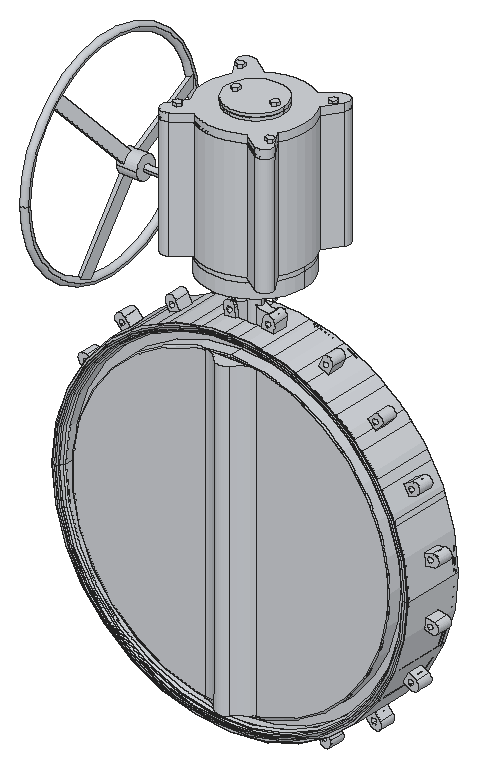
Revit family "R59FLX045", category Plumbing Fixtures, Revit 2015
Reference planes
  plane 1 "Center (Front/Back)": y = 0
  plane 2: z = 0
  plane 3 "Center (Left/Right)": x = 0
  plane 4: z = 422
  plane 5: z = 682
  plane 6: z = 187
  plane 7: z = -340
  plane 8: z = -30
  plane 9: z = 487.647
  plane 10: z = -30
  plane 11: y = -17.262
  plane 12: y = 17.262
  plane 13: x = -87.5
  plane 14: x = 87.5
  plane 15: z = 674
  plane 16: x = 226
  plane 17: y = -55.287
  plane 18: y = 53.713
  plane 19: z = 396
  plane 20: x = -266
  plane 21: z = 294
Forms (mm)
  Extrusion 1, solid
    sketch origin (0, 0, 404.391) x (1, 0, 0) y (0, 1, 0)
      loop
        circle (0, 0) r 87.5
    from -8.391 to 17.609
  Extrusion 2, solid
    sketch origin (0, 0, -76.95) x (1, 0, 0) y (0, 1, 0)
      loop
        circle (0, 0) r 12
    from 383.948 to 472.95
  Revolve 3, solid
    sketch origin (0, 0, 0) x (0, 1, 0) y (0, 0, 1)
      loop
        line (-30.5, -310.688) -> (30.5, -310.688) -> (30.5, -281.679) -> (51.986, -281.679)
        arc (51.986, -281.679) -> (53.207, -281.173) -> (53.713, -279.951) r 1.728
        line (53.713, -279.951) -> (53.713, 0) -> (-55.287, 0) -> (-55.287, -279.951)
        arc (-55.287, -279.951) -> (-54.781, -281.173) -> (-53.559, -281.679) r 1.728
        line (-53.559, -281.679) -> (-30.5, -281.679) -> (-30.5, -310.688)
      axis (53.713, 0) -> (-55.287, 0)
    angle from 0 to 360
  Extrusion 4, solid
    sketch origin (-27.69, 17.573, 252.186) x (0.933413, 0, -0.358805) y (0.358805, 0, 0.933413)
      loop
        line (-18.251, 60.114) -> (-25.459, 74.264)
        arc (-25.459, 74.264) -> (-38.908, 78.635) -> (-43.28, 65.186) r 10
        line (-43.28, 65.186) -> (-36.072, 51.036) -> (-18.251, 60.114)
      loop
        circle (-32.1, 65.269) r 5
    from -10.991 to 16.009
  Extrusion 5, solid
    sketch origin (18.896, -132.284, 431.391) x (-0.707107, -0.707107, 0) y (0.707107, -0.707107, 0)
      loop
        line (6.619, -122.207) -> (1.336, -117.615) -> (-5.283, -119.894) -> (-6.619, -126.765) -> (-1.336, -131.358) -> (5.283, -129.079) -> (6.619, -122.207)
    from 0 to 3.746
  Extrusion 6, solid
    sketch origin (18.896, -132.284, 410.391) x (-0.707107, -0.707107, 0) y (0.707107, -0.707107, 0)
      loop
        circle (0, -124.486) r 3
    from -20.186 to 21
  Extrusion 7, solid
    sketch origin (18.896, -132.284, 396) x (-0.707107, -0.707107, 0) y (0.707107, -0.707107, 0)
      loop
        line (3.99, -123.113) -> (0.805, -120.344) -> (-3.184, -121.718) -> (-3.99, -125.86) -> (-0.805, -128.628) -> (3.184, -127.254) -> (3.99, -123.113)
      loop
        line (-3.444, -125.672) -> (-0.695, -128.061) -> (2.749, -126.876) -> (3.444, -123.301) -> (0.695, -120.911) -> (-2.749, -122.097) -> (-3.444, -125.672)
    from -1.968 to 1
  Extrusion 8, solid
    sketch origin (49.205, -126.837, 545.966) x (-0.707107, -0.707107, 0) y (0.707107, -0.707107, 0)
      loop
        line (-76.155, -211.941) -> (-68.675, -247.132)
        arc (-68.675, -247.132) -> (-54.895, -258.291) -> (-41.114, -247.132) r 14.088
        line (-41.114, -247.132) -> (-33.634, -211.941)
        arc (-33.634, -211.941) -> (8.743, -188.129) -> (32.557, -145.753) r 90
        line (32.557, -145.753) -> (67.77, -138.268)
        arc (67.77, -138.268) -> (78.929, -124.488) -> (67.77, -110.708) r 14.088
        line (67.77, -110.708) -> (32.56, -103.223)
        arc (32.56, -103.223) -> (8.748, -60.841) -> (-33.632, -37.025) r 90
        line (-33.632, -37.025) -> (-41.114, -1.823)
        arc (-41.114, -1.823) -> (-54.895, 9.336) -> (-68.675, -1.823) r 14.088
        line (-68.675, -1.823) -> (-76.158, -37.025)
        arc (-76.158, -37.025) -> (-118.534, -60.838) -> (-142.347, -103.215) r 90
        line (-142.347, -103.215) -> (-177.549, -110.697)
        arc (-177.549, -110.697) -> (-188.708, -124.477) -> (-177.549, -138.258) r 14.088
        line (-177.549, -138.258) -> (-142.35, -145.74)
        arc (-142.35, -145.74) -> (-118.538, -188.124) -> (-76.155, -211.941) r 90
    from -114.575 to 101.703
  Sweep 9, solid
    path origin (0, 0, 0) x (1, 0, 0) y (0, 0, 1)
      loop
        circle (0, 0) r 316
    profile origin (0, 0, -316) x (0, 0, 1) y (0, -1, 0)
      loop
        line (0.625, -53.713) -> (3.952, -53.713)
        arc (3.952, -53.713) -> (4.966, -54.727) -> (5.98, -53.713) r 1.014
        line (5.98, -53.713) -> (7.253, -53.713)
        arc (7.253, -53.713) -> (8.267, -54.727) -> (9.28, -53.713) r 1.014
        line (9.28, -53.713) -> (10.888, -53.713) -> (12.517, -51.371) -> (13.454, -47.874) -> (16.683, -44.645) -> (16.683, 46.218) -> (13.454, 49.447) -> (12.517, 52.945) -> (10.888, 55.287) -> (9.28, 55.287)
        arc (9.28, 55.287) -> (8.267, 56.3) -> (7.253, 55.287) r 1.014
        line (7.253, 55.287) -> (5.98, 55.287)
        arc (5.98, 55.287) -> (4.966, 56.3) -> (3.952, 55.287) r 1.014
        line (3.952, 55.287) -> (0.625, 55.287) -> (0.625, -53.713)
  Extrusion 10, solid
    sketch origin (0, 0, 254.34) x (1, 0, 0) y (0, 0, 1)
      loop
        line (-23.079, 59.697) -> (24.29, 59.697) -> (32.994, 84.977)
        arc (32.994, 84.977) -> (13.351, 88.098) -> (0.632, 103.389) r 28.254
        arc (0.632, 103.389) -> (-13.43, 87.381) -> (-34.674, 85.747) r 28.254
        line (-34.674, 85.747) -> (-23.079, 59.697)
    from -7.881 to 9.454
  Sweep 11, solid
    path origin (-0.002, 0, 0) x (1, 0, 0) y (0, 0, 1)
      loop
        circle (0, 0) r 316
    profile origin (-0.002, 0, -316) x (0, 0, 1) y (0, -1, 0)
      loop
        line (0, 55.287) -> (0, -53.713) -> (3.927, -53.713) -> (3.927, 55.287) -> (0, 55.287)
  Extrusion 12, solid
    sketch origin (-22.84, 17.573, -252.671) x (-0.843784, 0, 0.536683) y (-0.536683, 0, -0.843784)
      loop
        line (-18.251, 60.114) -> (-25.459, 74.264)
        arc (-25.459, 74.264) -> (-38.908, 78.635) -> (-43.28, 65.186) r 10
        line (-43.28, 65.186) -> (-36.072, 51.036) -> (-18.251, 60.114)
      loop
        circle (-32.1, 65.269) r 5
    from -10.991 to 16.009
  Extrusion 13, solid
    sketch origin (-107.203, 17.573, 229.94) x (0.999197, 0, -0.040079) y (0.040079, 0, 0.999197)
      loop
        line (-18.251, 60.114) -> (-25.459, 74.264)
        arc (-25.459, 74.264) -> (-38.908, 78.635) -> (-43.28, 65.186) r 10
        line (-43.28, 65.186) -> (-36.072, 51.036) -> (-18.251, 60.114)
      loop
        circle (-32.1, 65.269) r 5
    from -10.991 to 16.009
  Extrusion 14, solid
    sketch origin (-175.361, 17.573, 183.339) x (0.959152, 0, 0.282892) y (-0.282892, 0, 0.959152)
      loop
        line (-18.251, 60.114) -> (-25.459, 74.264)
        arc (-25.459, 74.264) -> (-38.908, 78.635) -> (-43.28, 65.186) r 10
        line (-43.28, 65.186) -> (-36.072, 51.036) -> (-18.251, 60.114)
      loop
        circle (-32.1, 65.269) r 5
    from -10.991 to 16.009
  Extrusion 15, solid
    sketch origin (-224.945, 17.573, 117.321) x (0.817519, 0, 0.575901) y (-0.575901, 0, 0.817519)
      loop
        line (-18.251, 60.114) -> (-25.459, 74.264)
        arc (-25.459, 74.264) -> (-38.908, 78.635) -> (-43.28, 65.186) r 10
        line (-43.28, 65.186) -> (-36.072, 51.036) -> (-18.251, 60.114)
      loop
        circle (-32.1, 65.269) r 5
    from -10.991 to 16.009
  Extrusion 16, solid
    sketch origin (-250.705, 17.573, 38.876) x (0.589301, 0, 0.807914) y (-0.807914, 0, 0.589301)
      loop
        line (-18.251, 60.114) -> (-25.459, 74.264)
        arc (-25.459, 74.264) -> (-38.908, 78.635) -> (-43.28, 65.186) r 10
        line (-43.28, 65.186) -> (-36.072, 51.036) -> (-18.251, 60.114)
      loop
        circle (-32.1, 65.269) r 5
    from -10.991 to 16.009
  Extrusion 17, solid
    sketch origin (-249.912, 17.573, -43.686) x (0.298667, 0, 0.954357) y (-0.954357, 0, 0.298667)
      loop
        line (-18.251, 60.114) -> (-25.459, 74.264)
        arc (-25.459, 74.264) -> (-38.908, 78.635) -> (-43.28, 65.186) r 10
        line (-43.28, 65.186) -> (-36.072, 51.036) -> (-18.251, 60.114)
      loop
        circle (-32.1, 65.269) r 5
    from -10.991 to 16.009
  Extrusion 18, solid
    sketch origin (-222.65, 17.573, -121.621) x (-0.0236, 0, 0.999721) y (-0.999721, 0, -0.0236)
      loop
        line (-18.251, 60.114) -> (-25.459, 74.264)
        arc (-25.459, 74.264) -> (-38.908, 78.635) -> (-43.28, 65.186) r 10
        line (-43.28, 65.186) -> (-36.072, 51.036) -> (-18.251, 60.114)
      loop
        circle (-32.1, 65.269) r 5
    from -10.991 to 16.009
  Extrusion 19, solid
    sketch origin (-171.806, 17.573, -186.674) x (-0.343367, 0, 0.939201) y (-0.939201, 0, -0.343367)
      loop
        line (-18.251, 60.114) -> (-25.459, 74.264)
        arc (-25.459, 74.264) -> (-38.908, 78.635) -> (-43.28, 65.186) r 10
        line (-43.28, 65.186) -> (-36.072, 51.036) -> (-18.251, 60.114)
      loop
        circle (-32.1, 65.269) r 5
    from -10.991 to 16.009
  Extrusion 20, solid
    sketch origin (-102.765, 17.573, -231.957) x (-0.626767, 0, 0.779206) y (-0.779206, 0, -0.626767)
      loop
        line (-18.251, 60.114) -> (-25.459, 74.264)
        arc (-25.459, 74.264) -> (-38.908, 78.635) -> (-43.28, 65.186) r 10
        line (-43.28, 65.186) -> (-36.072, 51.036) -> (-18.251, 60.114)
      loop
        circle (-32.1, 65.269) r 5
    from -10.991 to 16.009
  Extrusion 21, solid
    sketch origin (0, 0, -252.777) x (1, 0, 0) y (0, 0, 1)
      loop
        line (-19.291, -59.525) -> (-30.838, -85.466)
        arc (-30.838, -85.466) -> (-21.534, -88.175) -> (-12.729, -92.221) r 65.798
        line (-12.729, -92.221) -> (12.729, -92.221)
        arc (12.729, -92.221) -> (21.352, -88.243) -> (30.457, -85.549) r 65.798
        line (30.457, -85.549) -> (18.874, -59.525) -> (-19.291, -59.525)
    from -7.881 to 9.454
  Extrusion 22, solid
    sketch origin (157.284, 43.896, 431.391) x (0.707107, -0.707107, 0) y (0.707107, 0.707107, 0)
      loop
        line (6.619, -122.207) -> (1.336, -117.615) -> (-5.283, -119.894) -> (-6.619, -126.765) -> (-1.336, -131.358) -> (5.283, -129.079) -> (6.619, -122.207)
    from 0 to 3.746
  Extrusion 23, solid
    sketch origin (157.284, 43.896, 410.391) x (0.707107, -0.707107, 0) y (0.707107, 0.707107, 0)
      loop
        circle (0, -124.486) r 3
    from -20.186 to 21
  Extrusion 24, solid
    sketch origin (157.284, 43.896, 396) x (0.707107, -0.707107, 0) y (0.707107, 0.707107, 0)
      loop
        line (3.99, -123.113) -> (0.805, -120.344) -> (-3.184, -121.718) -> (-3.99, -125.86) -> (-0.805, -128.628) -> (3.184, -127.254) -> (3.99, -123.113)
      loop
        line (-3.444, -125.672) -> (-0.695, -128.061) -> (2.749, -126.876) -> (3.444, -123.301) -> (0.695, -120.911) -> (-2.749, -122.097) -> (-3.444, -125.672)
    from -1.968 to 1
  Extrusion 25, solid
    sketch origin (-18.896, 132.284, 431.391) x (0.707107, 0.707107, 0) y (-0.707107, 0.707107, 0)
      loop
        line (6.619, -122.207) -> (1.336, -117.615) -> (-5.283, -119.894) -> (-6.619, -126.765) -> (-1.336, -131.358) -> (5.283, -129.079) -> (6.619, -122.207)
    from 0 to 3.746
  Extrusion 26, solid
    sketch origin (-18.896, 132.284, 410.391) x (0.707107, 0.707107, 0) y (-0.707107, 0.707107, 0)
      loop
        circle (0, -124.486) r 3
    from -20.186 to 21
  Extrusion 27, solid
    sketch origin (-18.896, 132.284, 396) x (0.707107, 0.707107, 0) y (-0.707107, 0.707107, 0)
      loop
        line (3.99, -123.113) -> (0.805, -120.344) -> (-3.184, -121.718) -> (-3.99, -125.86) -> (-0.805, -128.628) -> (3.184, -127.254) -> (3.99, -123.113)
      loop
        line (-3.444, -125.672) -> (-0.695, -128.061) -> (2.749, -126.876) -> (3.444, -123.301) -> (0.695, -120.911) -> (-2.749, -122.097) -> (-3.444, -125.672)
    from -1.968 to 1
  Extrusion 28, solid
    sketch origin (-157.284, -43.896, 431.391) x (-0.707107, 0.707107, 0) y (-0.707107, -0.707107, 0)
      loop
        line (6.619, -122.207) -> (1.336, -117.615) -> (-5.283, -119.894) -> (-6.619, -126.765) -> (-1.336, -131.358) -> (5.283, -129.079) -> (6.619, -122.207)
    from 0 to 3.746
  Extrusion 29, solid
    sketch origin (-157.284, -43.896, 410.391) x (-0.707107, 0.707107, 0) y (-0.707107, -0.707107, 0)
      loop
        circle (0, -124.486) r 3
    from -20.186 to 21
  Extrusion 30, solid
    sketch origin (-157.284, -43.896, 396) x (-0.707107, 0.707107, 0) y (-0.707107, -0.707107, 0)
      loop
        line (3.99, -123.113) -> (0.805, -120.344) -> (-3.184, -121.718) -> (-3.99, -125.86) -> (-0.805, -128.628) -> (3.184, -127.254) -> (3.99, -123.113)
      loop
        line (-3.444, -125.672) -> (-0.695, -128.061) -> (2.749, -126.876) -> (3.444, -123.301) -> (0.695, -120.911) -> (-2.749, -122.097) -> (-3.444, -125.672)
    from -1.968 to 1
  Extrusion 31, solid
    sketch origin (-5.763, 157.917, 658.616) x (0.707107, 0.707107, 0) y (-0.707107, 0.707107, 0)
      loop
        line (6.619, -122.207) -> (1.336, -117.615) -> (-5.283, -119.894) -> (-6.619, -126.765) -> (-1.336, -131.358) -> (5.283, -129.079) -> (6.619, -122.207)
    from 0 to 4.617
  Extrusion 32, solid
    sketch origin (-5.763, 157.917, 544.045) x (0.707107, 0.707107, 0) y (-0.707107, 0.707107, 0)
      loop
        circle (0, -124.486) r 3
    from 66.681 to 114.571
  Extrusion 33, solid
    sketch origin (170.417, 18.263, 658.616) x (0.707107, -0.707107, 0) y (0.707107, 0.707107, 0)
      loop
        line (6.619, -122.207) -> (1.336, -117.615) -> (-5.283, -119.894) -> (-6.619, -126.765) -> (-1.336, -131.358) -> (5.283, -129.079) -> (6.619, -122.207)
    from 0 to 4.617
  Extrusion 34, solid
    sketch origin (170.417, 18.263, 544.045) x (0.707107, -0.707107, 0) y (0.707107, 0.707107, 0)
      loop
        circle (0, -124.486) r 3
    from 66.681 to 114.571
  Extrusion 35, solid
    sketch origin (5.763, -157.917, 658.616) x (-0.707107, -0.707107, 0) y (0.707107, -0.707107, 0)
      loop
        line (6.619, -122.207) -> (1.336, -117.615) -> (-5.283, -119.894) -> (-6.619, -126.765) -> (-1.336, -131.358) -> (5.283, -129.079) -> (6.619, -122.207)
    from 0 to 4.617
  Extrusion 36, solid
    sketch origin (5.763, -157.917, 544.045) x (-0.707107, -0.707107, 0) y (0.707107, -0.707107, 0)
      loop
        circle (0, -124.486) r 3
    from 66.681 to 114.571
  Extrusion 37, solid
    sketch origin (-170.417, -18.263, 658.616) x (-0.707107, 0.707107, 0) y (-0.707107, -0.707107, 0)
      loop
        line (6.619, -122.207) -> (1.336, -117.615) -> (-5.283, -119.894) -> (-6.619, -126.765) -> (-1.336, -131.358) -> (5.283, -129.079) -> (6.619, -122.207)
    from 0 to 4.617
  Extrusion 38, solid
    sketch origin (-170.417, -18.263, 544.045) x (-0.707107, 0.707107, 0) y (-0.707107, -0.707107, 0)
      loop
        circle (0, -124.486) r 3
    from 66.681 to 114.571
  Extrusion 39, solid
    sketch origin (4.994, 0, 89.647) x (0, 1, 0) y (0, 0, -1)
      loop
        circle (0, -398) r 6
    from 74.348 to 199.367
  Sweep 40, solid
    path origin (-258.995, 0, 78.875) x (0, 1, 0) y (0, 0, -1)
      loop
        circle (0, -408.772) r 187
    profile origin (-258.995, 0, 674.647) x (0, 0, 1) y (-1, 0, 0)
      loop
        circle (0, 0) r 7
  Extrusion 41, solid
    sketch origin (-27.995, 0, 89.647) x (0, 1, 0) y (0, 0, -1)
      loop
        circle (0, -398) r 20
    from 166.378 to 201.654
  Extrusion 42, solid
    sketch origin (-16.226, -165.594, 330.415) x (0.996525, 0.083294, -0.000135) y (-0.05437, 0.64925, -0.758629)
      loop
        line (-182.932, 4.168) -> (-189.521, 6.043) -> (-239.457, -181.426) -> (-232.868, -183.3) -> (-182.932, 4.168)
    from 230.215 to 251.867
  Extrusion 43, solid
    sketch origin (-122.734, -88.025, 669.383) x (-0.707107, 0.707107, 0) y (-0.707107, -0.707107, 0)
      loop
        line (6.619, -122.207) -> (1.336, -117.615) -> (-5.283, -119.894) -> (-6.619, -126.765) -> (-1.336, -131.358) -> (5.283, -129.079) -> (6.619, -122.207)
    from 0 to 4.617
  Extrusion 44, solid
    sketch origin (-122.734, -88.025, 554.811) x (-0.707107, 0.707107, 0) y (-0.707107, -0.707107, 0)
      loop
        circle (0, -124.486) r 3
    from 66.681 to 114.571
  Extrusion 45, solid
    sketch origin (122.679, -51.499, 669.383) x (0.707107, -0.707107, 0) y (0.707107, 0.707107, 0)
      loop
        line (-96.38, -19.209) -> (-103.251, -20.545) -> (-105.53, -27.163) -> (-100.938, -32.446) -> (-94.066, -31.111) -> (-91.787, -24.492) -> (-96.38, -19.209)
    from 0 to 4.617
  Extrusion 46, solid
    sketch origin (-122.734, -88.025, 554.811) x (-0.707107, 0.707107, 0) y (-0.707107, -0.707107, 0)
      loop
        circle (-49.047, -173.533) r 3
    from 66.681 to 114.571
  Extrusion 47, solid
    sketch origin (0, 27.3, 0) x (1, 0, 0) y (0, 1, 0)
      loop
        line (-45.752, 26.413) -> (45.661, 26.413)
        arc (45.661, 26.413) -> (27.976, 32.661) -> (13.756, 44.892) r 50.889
        arc (13.756, 44.892) -> (-0.248, 51.523) -> (-14.1, 44.579) r 17.686
        arc (-14.1, 44.579) -> (-28.242, 32.561) -> (-45.752, 26.413) r 50.889
    from -277.611 to 277.127
  Extrusion 48, solid
    sketch origin (0, 0, 657.256) x (1, 0, 0) y (0, 1, 0)
      loop
        circle (0, 0) r 50
    from 1.36 to 6.196
  Extrusion 49, solid
    sketch origin (0, 0, 664.383) x (1, 0, 0) y (0, 1, 0)
      loop
        circle (0, 0) r 50
    from 0.001 to 5
  Extrusion 50, solid
    sketch origin (0, 0, 659.888) x (1, 0, 0) y (0, 1, 0)
      loop
        circle (0, 0) r 43.203
    from 3.565 to 4.496
  Extrusion 51, solid
    sketch origin (-16.226, 220.055, 424.745) x (0.996525, -0.04153, 0.072203) y (-0.05437, 0.332367, 0.941582)
      loop
        line (-182.932, 4.168) -> (-189.521, 6.043) -> (-239.457, -181.426) -> (-232.868, -183.3) -> (-182.932, 4.168)
    from 230.215 to 251.867
  Extrusion 52, solid
    sketch origin (-16.226, -54.461, 711.561) x (0.996525, -0.041764, -0.072067) y (-0.05437, -0.981617, -0.182952)
      loop
        line (-182.932, 4.168) -> (-189.521, 6.043) -> (-239.457, -181.426) -> (-232.868, -183.3) -> (-182.932, 4.168)
    from 230.215 to 251.867
  Extrusion 53, solid
    sketch origin (0, 0, 429.391) x (1, 0, 0) y (0, 1, 0)
      loop
        circle (0, 0) r 87.5
    from -7.391 to 2
  Extrusion 54, solid
    sketch origin (49.205, -126.837, 762.245) x (-0.707107, -0.707107, 0) y (0.707107, -0.707107, 0)
      loop
        line (-76.155, -211.941) -> (-68.675, -247.132)
        arc (-68.675, -247.132) -> (-54.895, -258.291) -> (-41.114, -247.132) r 14.088
        line (-41.114, -247.132) -> (-33.634, -211.941)
        arc (-33.634, -211.941) -> (8.743, -188.129) -> (32.557, -145.753) r 90
        line (32.557, -145.753) -> (67.77, -138.268)
        arc (67.77, -138.268) -> (78.929, -124.488) -> (67.77, -110.708) r 14.088
        line (67.77, -110.708) -> (32.56, -103.223)
        arc (32.56, -103.223) -> (8.748, -60.841) -> (-33.632, -37.025) r 90
        line (-33.632, -37.025) -> (-41.114, -1.823)
        arc (-41.114, -1.823) -> (-54.895, 9.336) -> (-68.675, -1.823) r 14.088
        line (-68.675, -1.823) -> (-76.158, -37.025)
        arc (-76.158, -37.025) -> (-118.534, -60.838) -> (-142.347, -103.215) r 90
        line (-142.347, -103.215) -> (-177.549, -110.697)
        arc (-177.549, -110.697) -> (-188.708, -124.477) -> (-177.549, -138.258) r 14.088
        line (-177.549, -138.258) -> (-142.35, -145.74)
        arc (-142.35, -145.74) -> (-118.538, -188.124) -> (-76.155, -211.941) r 90
    from -103.629 to -117.861
  Extrusion 55, solid
    sketch origin (27.69, -12.555, 252.186) x (-0.933413, 0, -0.358805) y (-0.358805, 0, 0.933413)
      loop
        line (-18.251, 60.114) -> (-25.459, 74.264)
        arc (-25.459, 74.264) -> (-38.908, 78.635) -> (-43.28, 65.186) r 10
        line (-43.28, 65.186) -> (-36.072, 51.036) -> (-18.251, 60.114)
      loop
        circle (-32.1, 65.269) r 5
    from -10.991 to 16.009
  Extrusion 56, solid
    sketch origin (22.84, -12.555, -252.671) x (0.843784, 0, 0.536683) y (0.536683, 0, -0.843784)
      loop
        line (-18.251, 60.114) -> (-25.459, 74.264)
        arc (-25.459, 74.264) -> (-38.908, 78.635) -> (-43.28, 65.186) r 10
        line (-43.28, 65.186) -> (-36.072, 51.036) -> (-18.251, 60.114)
      loop
        circle (-32.1, 65.269) r 5
    from -10.991 to 16.009
  Extrusion 57, solid
    sketch origin (107.203, -12.555, 229.94) x (-0.999197, 0, -0.040079) y (-0.040079, 0, 0.999197)
      loop
        line (-18.251, 60.114) -> (-25.459, 74.264)
        arc (-25.459, 74.264) -> (-38.908, 78.635) -> (-43.28, 65.186) r 10
        line (-43.28, 65.186) -> (-36.072, 51.036) -> (-18.251, 60.114)
      loop
        circle (-32.1, 65.269) r 5
    from -10.991 to 16.009
  Extrusion 58, solid
    sketch origin (175.361, -12.555, 183.339) x (-0.959152, 0, 0.282892) y (0.282892, 0, 0.959152)
      loop
        line (-18.251, 60.114) -> (-25.459, 74.264)
        arc (-25.459, 74.264) -> (-38.908, 78.635) -> (-43.28, 65.186) r 10
        line (-43.28, 65.186) -> (-36.072, 51.036) -> (-18.251, 60.114)
      loop
        circle (-32.1, 65.269) r 5
    from -10.991 to 16.009
  Extrusion 59, solid
    sketch origin (224.945, -12.555, 117.321) x (-0.817519, 0, 0.575901) y (0.575901, 0, 0.817519)
      loop
        line (-18.251, 60.114) -> (-25.459, 74.264)
        arc (-25.459, 74.264) -> (-38.908, 78.635) -> (-43.28, 65.186) r 10
        line (-43.28, 65.186) -> (-36.072, 51.036) -> (-18.251, 60.114)
      loop
        circle (-32.1, 65.269) r 5
    from -10.991 to 16.009
  Extrusion 60, solid
    sketch origin (250.705, -12.555, 38.876) x (-0.589301, 0, 0.807914) y (0.807914, 0, 0.589301)
      loop
        line (-18.251, 60.114) -> (-25.459, 74.264)
        arc (-25.459, 74.264) -> (-38.908, 78.635) -> (-43.28, 65.186) r 10
        line (-43.28, 65.186) -> (-36.072, 51.036) -> (-18.251, 60.114)
      loop
        circle (-32.1, 65.269) r 5
    from -10.991 to 16.009
  Extrusion 61, solid
    sketch origin (249.912, -12.555, -43.686) x (-0.298667, 0, 0.954357) y (0.954357, 0, 0.298667)
      loop
        line (-18.251, 60.114) -> (-25.459, 74.264)
        arc (-25.459, 74.264) -> (-38.908, 78.635) -> (-43.28, 65.186) r 10
        line (-43.28, 65.186) -> (-36.072, 51.036) -> (-18.251, 60.114)
      loop
        circle (-32.1, 65.269) r 5
    from -10.991 to 16.009
  Extrusion 62, solid
    sketch origin (222.65, -12.555, -121.621) x (0.0236, 0, 0.999721) y (0.999721, 0, -0.0236)
      loop
        line (-18.251, 60.114) -> (-25.459, 74.264)
        arc (-25.459, 74.264) -> (-38.908, 78.635) -> (-43.28, 65.186) r 10
        line (-43.28, 65.186) -> (-36.072, 51.036) -> (-18.251, 60.114)
      loop
        circle (-32.1, 65.269) r 5
    from -10.991 to 16.009
  Extrusion 63, solid
    sketch origin (171.806, -12.555, -186.674) x (0.343367, 0, 0.939201) y (0.939201, 0, -0.343367)
      loop
        line (-18.251, 60.114) -> (-25.459, 74.264)
        arc (-25.459, 74.264) -> (-38.908, 78.635) -> (-43.28, 65.186) r 10
        line (-43.28, 65.186) -> (-36.072, 51.036) -> (-18.251, 60.114)
      loop
        circle (-32.1, 65.269) r 5
    from -10.991 to 16.009
  Extrusion 64, solid
    sketch origin (102.765, -12.555, -231.957) x (0.626767, 0, 0.779206) y (0.779206, 0, -0.626767)
      loop
        line (-18.251, 60.114) -> (-25.459, 74.264)
        arc (-25.459, 74.264) -> (-38.908, 78.635) -> (-43.28, 65.186) r 10
        line (-43.28, 65.186) -> (-36.072, 51.036) -> (-18.251, 60.114)
      loop
        circle (-32.1, 65.269) r 5
    from -10.991 to 16.009
  Extrusion 65, solid
    sketch origin (0, -28.874, 0) x (1, 0, 0) y (0, 1, 0)
      loop
        arc (-45.752, -26.413) -> (-28.242, -32.561) -> (-14.1, -44.579) r 50.889
        arc (-14.1, -44.579) -> (-0.248, -51.523) -> (13.756, -44.892) r 17.686
        arc (13.756, -44.892) -> (27.976, -32.661) -> (45.661, -26.413) r 50.889
        line (45.661, -26.413) -> (-45.752, -26.413)
    from -277.611 to 277.127
Dimensions and locks
  locked: plane 2 to plane 4 at 422
  locked: level to plane 5 at 682
  locked: plane 7 to level at 340
  plane 18 to plane 17 = 109 mm
  locked: plane 19 to plane 4 at 26
  plane 16 to plane 3 "Center (Left/Right)" = 226 mm
  locked: plane 13 to plane 14 at 175
  locked: plane 4 to plane 15 at 252
  locked: plane 3 "Center (Left/Right)" to plane 20 at 266
  locked: plane 21 to plane 5 at 388
  aligned and locked: level to plane 2
